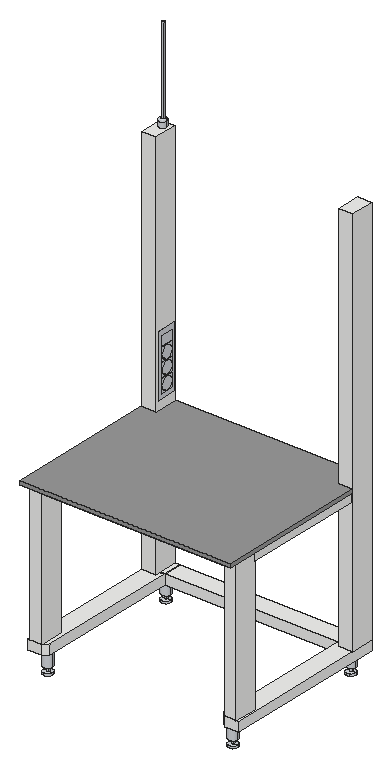
Revit family "WS_BARCELONA", category Furniture, Revit 2021
Family settings
  OmniClass Number = 23.40.20.00
  OmniClass Title = General Furniture and Specialties
  Work Plane-Based = No
  Always vertical = Yes
  Cut with Voids When Loaded = No
  Shared = No
  Room Calculation Point = No
Parameters (values of type "WSBAR-0975718")
  WT_THICK = 16 mm
  WT_MATERIAL = Plástico, blanco opaco
  WTheight_real = WTheight_nominal - 16 mm  # 734 mm
  WTheight_nominal = 750 mm
  URL = "https://ibr-innovasystem.com/PRODUCTS/WSBARCELONA"
  UB_SHELF [instance] = no
  UBS_9 [instance] = and(FIXED, UB_SHELF, Length = 900 mm)  # no
  UBS_15 [instance] = and(FIXED, UB_SHELF, Length = 1500 mm)  # no
  UBS_12 [instance] = and(FIXED, UB_SHELF, Length = 1200 mm)  # no
  SHELF_PROJECTION [instance] = if(or(SHELF_LEVEL_1, SHELF_LEVEL_2, SHELF_LEVEL_3), 1 = 1, 1 = 0)  # no
  SHELF_LEVEL_3 [instance] = no
  SHELF_LEVEL_2 [instance] = no
  SHELF_LEVEL_1 [instance] = no
  SH3-9 [instance] = and(SHELF_LEVEL_3, Length = 900 mm)  # no
  SH3-15 [instance] = and(SHELF_LEVEL_3, Length = 1500 mm)  # no
  SH3-12 [instance] = and(SHELF_LEVEL_3, Length = 1200 mm)  # no
  SH2-9 [instance] = and(SHELF_LEVEL_2, Length = 900 mm)  # no
  SH2-15 [instance] = and(SHELF_LEVEL_2, Length = 1500 mm)  # no
  SH2-12 [instance] = and(SHELF_LEVEL_2, Length = 1200 mm)  # no
  SH1-9 [instance] = and(SHELF_LEVEL_1, Length = 900 mm)  # no
  SH1-15 [instance] = and(SHELF_LEVEL_1, Length = 1500 mm)  # no
  SH1-12 [instance] = and(SHELF_LEVEL_1, Length = 1200 mm)  # no
  RIGHT_POWER_SUPPLY [instance] = not(LEFT_POWER_SUPPLY)  # no
  Model = ""
  MARINE_EDGE = no
  Length = 900 mm
  LOW_TAG = if(WTheight_nominal < 900 mm, 1 = 1, 1 = 0)  # yes
  LEVELING_FEET [instance] = not(COMBI_CASTOR_FOOT)  # yes
  LEFT_POWER_SUPPLY [instance] = yes
  Manufacturer = "IBR Innovasystem"
  HA_MARINE_EDGE = and(HA, MARINE_EDGE)  # no
  HA_HEIGHT_CORRECTED [instance] = if(and(HA_HEIGHT < 1201 mm, HA_HEIGHT > 699 mm), HA_HEIGHT, 900 mm)  # 900 mm
  HA_HEIGHT [instance] = 900 mm
  HA = not(FIXED)  # no
  FX_MARINE_EDGE = and(FIXED, MARINE_EDGE)  # no
  COMBI_CASTOR_FOOT [instance] = no
  FIXED = yes
  Description = "WS Barcelona 900x750x750/1800, 8xElectrical Outlets (Type TBD per project)"
  Depth = 750 mm
  Default Elevation = 0 mm
  Cost = 0
  CUTOUT_SIDES_CHECK = and(CUTOUT_SIDES, not(CER))  # no
  CUTOUT_SIDES = no
  CUTOUT_CENTER_CHECK = and(CUTOUT_CENTER, not(CER))  # no
  CUTOUT_CENTER = no
  COLUMN_H = 1800 mm
  CER = no
  BSP-9 = and(BS_PASSTHROUGH, Length = 900 mm)  # no
  BSP-15 = and(BS_PASSTHROUGH, Length = 1500 mm)  # no
  BS_PASSTHROUGH = no
  BS-9 = and(BS, Length = 900 mm)  # no
  BS-15 = and(BS, Length = 1500 mm)  # no
  BS = no
  BREAKER_SET [instance] = no
  ASSEMBLY_ID [instance] = ""
Types (18, lengths in mm): name | WTheight_real | WTheight_nominal | Length | LOW_TAG | Description | Depth | COLUMN_H
  WSBAR-1575918 | 884 | 900 | 1500 | no | "WS Barcelona 1500x750x900/1800, 8xElectrical Outlets (Type TBD per project)" | 750 | 1800
  WSBAR-1575916 | 884 | 900 | 1500 | no | "WS Barcelona 1500x750x900/1570, 8xElectrical Outlets (Type TBD per project)" | 750 | 1570
  WSBAR-1275918 | 884 | 900 | 1200 | no | "WS Barcelona 1200x750x900/1800, 8xElectrical Outlets (Type TBD per project)" | 750 | 1800
  WSBAR-1275916 | 884 | 900 | 1200 | no | "WS Barcelona 1200x750x900/1570, 8xElectrical Outlets (Type TBD per project)" | 750 | 1570
  WSBAR-0975916 | 884 | 900 | 900 | no | "WS Barcelona 900x750x900/1570, 8xElectrical Outlets (Type TBD per project)" | 750 | 1570
  WSBAR-0975918 | 884 | 900 | 900 | no | "WS Barcelona 900x750x900/1800, 8xElectrical Outlets (Type TBD per project)" | 750 | 1800
  WSBAR-1590918 | 884 | 900 | 1500 | no | "WS Barcelona 1500x900x900/1800, 8xElectrical Outlets (Type TBD per project)" | 900 | 1800
  WSBAR-1590916 | 884 | 900 | 1500 | no | "WS Barcelona 1500x900x900/1570, 8xElectrical Outlets (Type TBD per project)" | 900 | 1570
  WSBAR-1290918 | 884 | 900 | 1200 | no | "WS Barcelona 1200x900x900/1800, 8xElectrical Outlets (Type TBD per project)" | 900 | 1800
  WSBAR-1290916 | 884 | 900 | 1200 | no | "WS Barcelona 1200x900x900/1570, 8xElectrical Outlets (Type TBD per project)" | 900 | 1570
  WSBAR-0990916 | 884 | 900 | 900 | no | "WS Barcelona 900x900x900/1570, 8xElectrical Outlets (Type TBD per project)" | 900 | 1570
  WSBAR-0990918 | 884 | 900 | 900 | no | "WS Barcelona 900x900x900/1800, 8xElectrical Outlets (Type TBD per project)" | 900 | 1800
  WSBAR-1575716 | 734 | 750 | 1500 | yes | "WS Barcelona 1500x750x750/1570, 8xElectrical Outlets (Type TBD per project)" | 750 | 1570
  WSBAR-1575718 | 734 | 750 | 1500 | yes | "WS Barcelona 1500x750x750/1800, 8xElectrical Outlets (Type TBD per project)" | 750 | 1800
  WSBAR-1275718 | 734 | 750 | 1200 | yes | "WS Barcelona 1200x750x750/1800, 8xElectrical Outlets (Type TBD per project)" | 750 | 1800
  WSBAR-1275716 | 734 | 750 | 1200 | yes | "WS Barcelona 1200x750x750/1570, 8xElectrical Outlets (Type TBD per project)" | 750 | 1570
  WSBAR-0975716 | 734 | 750 | 900 | yes | "WS Barcelona 900x750x750/1570, 8xElectrical Outlets (Type TBD per project)" | 750 | 1570
  WSBAR-0975718 | 734 | 750 | 900 | yes | "WS Barcelona 900x750x750/1800, 8xElectrical Outlets (Type TBD per project)" | 750 | 1800
Reference planes
  plane 1 "Center (Front/Back)": y = 0
  plane 2: z = 0
  plane 3 "Center (Left/Right)": x = 0
  plane 4: x = 450
  plane 5: x = -450
  plane 6: y = -750
  plane 7: x = -390
  plane 8: y = -100
  plane 9: x = 390
  plane 10: y = -150
  plane 11: z = 87
  plane 12: z = 734
  plane 13: z = 1800
  plane 14: z = 750
  plane 15: z = 1087
  plane 16: z = 1187
  plane 17 "EJE_EL": y = -26
  plane 18: z = 127
  plane 19: x = -440
  plane 20: z = 704
  plane 21: z = 694
  plane 22: x = -395
  plane 23: y = -670
  plane 24: y = -40
  plane 25: z = 1750
  plane 26: x = 395
  plane 27: x = -150
  plane 28: y = -450
  plane 29: z = 790
  plane 30: z = 520
  plane 31: z = 1830
  plane 32: z = 2000
  plane 33: y = -50
  plane 34: x = -363.333
  plane 35: x = -336.667
  plane 36: x = -310
  plane 37: x = -420
  plane 38: x = 420
Forms (mm)
  Extrusion 1, solid, material "Plástico, blanco opaco" <- "WT_MATERIAL", visible <- "FIXED"
    sketch origin (0, 0, 0) x (1, 0, 0) y (0, 1, 0)
      loop
        line (-450, -750) -> (450, -750) -> (450, -100) -> (390, -100) -> (390, 0) -> (-390, 0) -> (-390, -100) -> (-450, -100) -> (-450, -750)
    from 734 to 750
  Sweep 2, solid, visible <- "FX_MARINE_EDGE"
    path origin (0, 0, 0) x (1, 0, 0) y (0, 1, 0)
      loop
        line (-450, -100) -> (-450, -750) -> (450, -750) -> (450, -100) -> (390, -100) -> (390, 0) -> (-390, 0) -> (-390, -100) -> (-450, -100)
    profile origin (-450, -425, 0) x (1, 0, 0) y (0, 0, 1)
      loop
        line (0, 750) -> (35, 750) -> (28, 757) -> (0, 757) -> (0, 750)
  Extrusion 3, solid, material "Plastic, Opaque White"
    sketch origin (0, 0, 0) x (1, 0, 0) y (0, 1, 0)
      loop
        line (450, 0) -> (370, 0) -> (370, -690) -> (390, -710) -> (450, -710) -> (450, 0)
      loop
        line (-450, 0) -> (-450, -710) -> (-390, -710) -> (-370, -690) -> (-370, 0) -> (-450, 0)
    from 87 to 127
  Extrusion 4, solid, material "Plastic, Opaque White"
    sketch origin (0, 0, 0) x (1, 0, 0) y (0, 1, 0)
      loop
        line (-390, 0) -> (-390, -80) -> (390, -80) -> (390, 0) -> (-390, 0)
    from 87 to 127
  Extrusion 5, solid, material "Plastic, Opaque White", visible <- "FIXED"
    sketch origin (0, 0, 0) x (1, 0, 0) y (0, 1, 0)
      loop
        line (-440, -710) -> (-390, -710) -> (-390, -610) -> (-440, -610) -> (-440, -710)
      loop
        line (440, -710) -> (440, -610) -> (390, -610) -> (390, -710) -> (440, -710)
    from 127 to 734
  Extrusion 6, solid, material "Plastic, Opaque White", visible <- "FIXED"
    sketch origin (0, 0, 0) x (1, 0, 0) y (0, 1, 0)
      loop
        line (-440, -100) -> (-440, -610) -> (-390, -610) -> (-390, -100) -> (-440, -100)
      loop
        line (440, -100) -> (390, -100) -> (390, -610) -> (440, -610) -> (440, -100)
    from 694 to 734
  Extrusion 7, solid, material "Plastic, Opaque White", visible <- "FIXED"
    sketch origin (0, 0, 0) x (1, 0, 0) y (0, 1, 0)
      loop
        line (-390, -710) -> (390, -710) -> (390, -670) -> (-390, -670) -> (-390, -710)
    from 704 to 734
  Extrusion 8, solid, material "Plastic, Opaque White"
    sketch origin (0, 0, 0) x (1, 0, 0) y (0, 1, 0)
      loop
        line (-390, 0) -> (-390, -60) -> (390, -60) -> (390, 0) -> (-390, 0)
    from 694 to 734
  Extrusion 9, solid, material "Plastic, Opaque White"
    sketch origin (0, 0, 0) x (1, 0, 0) y (0, 1, 0)
      loop
        line (-390, 0) -> (-450, 0) -> (-450, -100) -> (-390, -100) -> (-390, 0)
      loop
        line (390, 0) -> (390, -100) -> (450, -100) -> (450, 0) -> (390, 0)
    from 127 to 1800
  Extrusion 10, solid, material "Glass", visible <- "BS"
    sketch origin (0, 0, 0) x (1, 0, 0) y (0, 0, 1)
      loop
        line (-390, 1750) -> (-390, 750) -> (390, 750) -> (390, 1750) -> (-390, 1750)
    from 0 to 6
  Extrusion 11, void
    sketch origin (0, 0, 0) x (1, 0, 0) y (0, 0, 1)
      loop
        line (-390, 1750) -> (-390, 1700) -> (-340, 1750) -> (-390, 1750)
      loop
        line (390, 1750) -> (340, 1750) -> (390, 1700) -> (390, 1750)
    from 0 to 6
Cuts and joins
  Extrusion 11 cuts Extrusion 10
Lines and regions (mm)
  symbolic lines, visible <- "SHELF_PROJECTION"
    curve 1: line (-390, 0, 0) -> (-390, -250, 0)
    curve 2: line (-390, -250, 0) -> (390, -250, 0)
    curve 3: line (390, -250, 0) -> (390, 0, 0)
    curve 4: line (390, 0, 0) -> (-390, 0, 0)
  symbolic lines, style "Furniture", visible <- "HA"
    curve 5: line (450, 0, 0) -> (450, -750, 0)
    curve 6: line (-450, 0, 0) -> (-450, -750, 0)
  symbolic lines, style "FurnitureHiddenLines", visible <- "FX_MARINE_EDGE"
    curve 7: line (460, 0, 0) -> (460, -750, 0)
    curve 8: line (-460, 0, 0) -> (-460, -750, 0)
  symbolic lines, visible <- "HA"
    curve 9: line (-450, -750, 0) -> (-395, -750, 0)
    curve 10: line (395, -750, 0) -> (450, -750, 0)
    curve 12: line (-390, -100, 0) -> (390, -100, 0)
  model lines
    curve 11: line (390, 0, 0) -> (-390, 0, 0)
  symbolic lines, style "Furniture"
    curve 13: line (-450, -100, 0) -> (-450, -750, 0)
    curve 14: line (450, -750, 0) -> (450, -100, 0)
    curve 15: line (-450, -750, 0) -> (450, -750, 0)
  symbolic lines, visible <- "SHELF_LEVEL_1"
    curve 16: line (-363.333, -125, 0) -> (-363.333, -100, 0)
  symbolic lines, visible <- "SHELF_LEVEL_2"
    curve 17: line (-336.667, -131.416, 0) -> (-336.667, -156.581, 0)
    curve 19: line (-363.333, -156.581, 0) -> (-363.333, -131.416, 0)
  symbolic lines, visible <- "SHELF_LEVEL_3"
    curve 18: line (-310, -162.997, 0) -> (-310, -187.997, 0)
    curve 20: line (-363.333, -187.997, 0) -> (-363.333, -162.997, 0)
    curve 21: line (-336.667, -162.997, 0) -> (-336.667, -187.997, 0)
  symbolic lines, visible <- "LEFT_POWER_SUPPLY"
    curve 22: circle (-420, -26, 0) r 15 normal (0, 0, 1)
    curve 23: circle (-420, -26, 0) r 5 normal (0, 0, 1)
  symbolic lines, visible <- "RIGHT_POWER_SUPPLY"
    curve 24: circle (420, -26, 0) r 15 normal (0, 0, 1)
    curve 25: circle (420, -26, 0) r 5 normal (0, 0, 1)
Dimensions and locks
  equal spacing: plane 5, plane 3 "Center (Left/Right)", plane 4
  plane 11 to level = 87 mm
  "COLUMN_H": plane 13 to level
  "WTheight_real": plane 12 to level
  "WT_THICK": plane 14 to plane 12
  Sweep 2 sketch curve to Sweep 2 sketch curve = 7 mm
  profile plane to Sweep 2 sketch curve = 28 mm
  plane 1 "Center (Front/Back)" to plane 17 "EJE_EL" to plane 10 = 26 mm, 124 mm
  plane 15 to plane 16 = 100 mm
  plane 14 to plane 15 = 337 mm
  locked: Extrusion 3 sketch curve to Extrusion 3 sketch curve at 80  (x2)
  locked: Extrusion 3 sketch curve to Extrusion 3 sketch curve at 20  (x2)
  plane 11 to plane 18 to plane 12 = 40 mm, 607 mm
  "Depth": plane 1 "Center (Front/Back)" to plane 6
  plane 1 "Center (Front/Back)" to plane 8 = 100 mm
  "Length": plane 5 to plane 4
  locked: Extrusion 3 sketch curve to plane 6 at 40
  equal spacing: curve 4, Extrusion 4 sketch curve, curve 2
  locked: plane 5 to plane 19 at 10
  locked: Extrusion 5 sketch curve to Extrusion 5 sketch curve at 100  (x2)
  locked: Extrusion 5 sketch curve to Extrusion 5 sketch curve at 50  (x2)
  locked: plane 12 to plane 20 at 30
  locked: plane 12 to plane 21 at 40
  locked: Extrusion 7 sketch curve to Extrusion 7 sketch curve at 40
  locked: Sweep 2 to Extrusion 8 sketch curve at 60
  locked: plane 5 to plane 22 at 55
  locked: plane 1 "Center (Front/Back)" to plane 24 at 40
  locked: plane 25 to level at 1750
  locked: plane 23 to plane 6 at 80
  locked: plane 26 to plane 4 at 55
  locked: plane 5 to curve 8 at 10
  locked: plane 4 to curve 7 at 10
  locked: plane 5 to plane 27 at 300
  locked: plane 28 to plane 6 at 300
  locked: plane 5 to plane 7 at 60
  plane 9 to plane 4 = 60 mm
  locked: plane 29 to plane 12 at 56
  locked: plane 30 to level at 520
  locked: plane 31 to plane 13 at 30
  locked: plane 32 to plane 13 at 200
  locked: plane 15 to plane 14 at 337
  locked: plane 33 to plane 1 "Center (Front/Back)" at 50
  locked: plane 16 to plane 15 at 100
  locked: plane 5 to plane 37 at 30
  locked: plane 7 to plane 34 at 26.667
  locked: plane 34 to plane 35 at 26.667
  locked: plane 35 to plane 36 at 26.667
  locked: plane 38 to plane 4 at 30
  aligned and locked: level to plane 2
  aligned and locked: plane 14 to Extrusion 1
  aligned and locked: Extrusion 1 to plane 12
  aligned and locked: Sweep 2 to plane 14
  aligned and locked: plane 3 "Center (Left/Right)" to nested 1
  aligned and locked: nested 1 to plane 15
  aligned and locked: nested 3 to plane 16
  aligned and locked: plane 3 "Center (Left/Right)" to nested 2
  aligned and locked: plane 3 "Center (Left/Right)" to nested 3
  aligned and locked: plane 17 "EJE_EL" to nested 2
  aligned and locked: plane 17 "EJE_EL" to nested 3
  aligned and locked: plane 17 "EJE_EL" to nested 1
  aligned and locked: Extrusion 3 to plane 11
  aligned and locked: plane 11 to Extrusion 3
  aligned and locked: plane 18 to Extrusion 3
  aligned and locked: plane 7 to Extrusion 4 sketch curve
  aligned and locked: Extrusion 4 sketch curve to plane 9
  aligned and locked: plane 1 "Center (Front/Back)" to Extrusion 4 sketch curve
  aligned and locked: Extrusion 4 to plane 11
  aligned and locked: plane 18 to Extrusion 4
  aligned and locked: Extrusion 3 to Extrusion 5 sketch curve
  aligned and locked: Extrusion 5 sketch curve to plane 19
  aligned and locked: Extrusion 5 to plane 18
  aligned and locked: plane 12 to Extrusion 5
  aligned and locked: plane 8 to Extrusion 6 sketch curve
  aligned and locked: Extrusion 6 sketch curve to Extrusion 5  (x2)
  aligned and locked: plane 19 to Extrusion 6 sketch curve
  aligned and locked: plane 12 to Extrusion 6
  aligned and locked: plane 21 to Extrusion 6
  aligned and locked: Extrusion 3 to Extrusion 7 sketch curve
  aligned and locked: Extrusion 7 sketch curve to Extrusion 5  (x2)
  aligned and locked: plane 12 to Extrusion 7
  aligned and locked: plane 20 to Extrusion 7
  aligned and locked: plane 7 to Extrusion 8 sketch curve
  aligned and locked: Extrusion 8 sketch curve to plane 9
  aligned and locked: plane 1 "Center (Front/Back)" to Extrusion 8 sketch curve
  aligned and locked: plane 12 to Extrusion 8
  aligned and locked: plane 21 to Extrusion 8
  aligned and locked: plane 7 to Extrusion 9 sketch curve
  aligned and locked: Extrusion 9 sketch curve to plane 5
  aligned and locked: plane 8 to Extrusion 9 sketch curve
  aligned and locked: Extrusion 9 sketch curve to plane 1 "Center (Front/Back)"
  aligned and locked: Extrusion 9 to plane 18
  aligned and locked: plane 13 to Extrusion 9
  aligned and locked: plane 22 to nested 5
  aligned and locked: nested 5 to plane 23
  aligned and locked: plane 22 to nested 6
  aligned and locked: nested 6 to plane 24
  aligned and locked: nested 8 to plane 26
  aligned and locked: nested 7 to plane 26
  aligned and locked: plane 23 to nested 7
  aligned and locked: plane 3 "Center (Left/Right)" to nested 9
  aligned and locked: plane 3 "Center (Left/Right)" to nested 10
  aligned and locked: plane 3 "Center (Left/Right)" to nested 11
  aligned and locked: plane 17 "EJE_EL" to nested 9
  aligned and locked: plane 17 "EJE_EL" to nested 10
  aligned and locked: plane 17 "EJE_EL" to nested 11
  aligned and locked: plane 3 "Center (Left/Right)" to nested 12
  aligned and locked: plane 3 "Center (Left/Right)" to nested 13
  aligned and locked: plane 3 "Center (Left/Right)" to nested 14
  aligned and locked: plane 17 "EJE_EL" to nested 14
  aligned and locked: plane 17 "EJE_EL" to nested 12
  aligned and locked: plane 17 "EJE_EL" to nested 13
  aligned and locked: plane 27 to nested 15
  aligned and locked: nested 15 to plane 28
  aligned and locked: curve 6 to plane 5
  aligned and locked: plane 26 to curve 10
  aligned and locked: plane 4 to curve 10
  aligned and locked: curve 10 to plane 6
  aligned and locked: plane 5 to curve 9
  aligned and locked: plane 22 to curve 9
  aligned and locked: curve 9 to plane 6
  aligned and locked: plane 27 to nested 16
  aligned and locked: nested 16 to plane 28
  aligned and locked: plane 3 "Center (Left/Right)" to nested 17
  aligned and locked: plane 3 "Center (Left/Right)" to nested 18
  aligned and locked: plane 1 "Center (Front/Back)" to nested 18
  aligned and locked: plane 1 "Center (Front/Back)" to nested 17
  aligned and locked: plane 4 to Extrusion 3
  aligned and locked: nested 21 to plane 29
  aligned and locked: nested 20 to plane 29
  aligned and locked: plane 30 to nested 22
  aligned and locked: plane 30 to nested 19
  aligned and locked: plane 7 to nested 22
  aligned and locked: nested 19 to plane 9
  aligned and locked: nested 20 to plane 9
  aligned and locked: plane 7 to nested 21
  aligned and locked: plane 13 to nested 14
  aligned and locked: plane 13 to nested 11
  aligned and locked: plane 13 to nested 2
  aligned and locked: plane 33 to nested 22
  aligned and locked: plane 33 to nested 21
  aligned and locked: nested 19 to plane 33
  aligned and locked: nested 20 to plane 33
  aligned and locked: nested 9 to plane 15
  aligned and locked: nested 13 to plane 15
  aligned and locked: nested 10 to plane 16
  aligned and locked: nested 12 to plane 16
  aligned and locked: plane 3 "Center (Left/Right)" to nested 23
  aligned and locked: nested 24 to plane 23
  aligned and locked: nested 26 to plane 24
  aligned and locked: nested 27 to plane 24
  aligned and locked: nested 25 to plane 23
  aligned and locked: plane 22 to nested 27
  aligned and locked: plane 22 to nested 25
  aligned and locked: nested 26 to plane 26
  aligned and locked: nested 24 to plane 26
  aligned and locked: plane 34 to curve 19
  aligned and locked: curve 20 to plane 34
  aligned and locked: curve 21 to plane 35
  aligned and locked: plane 7 to nested 28
  aligned and locked: plane 33 to nested 28
  aligned and locked: plane 30 to nested 28
  aligned and locked: plane 17 "EJE_EL" to nested 29
  aligned and locked: plane 37 to nested 29
  aligned and locked: plane 17 "EJE_EL" to nested 30
  aligned and locked: plane 38 to nested 30
  aligned and locked: nested 30 to plane 13
  aligned and locked: nested 29 to plane 13
Automatic sketch dimensions
  Extrusion 1 sketch curve to plane 5 = 0 mm
  plane 1 "Center (Front/Back)" to Extrusion 1 sketch curve = 0 mm
  Extrusion 1 sketch curve to plane 7 = 0 mm
  Extrusion 1 sketch curve to plane 9 = 0 mm
  Extrusion 1 sketch curve to plane 4 = 0 mm
  Extrusion 1 sketch curve to plane 6 = 0 mm
  Extrusion 1 sketch curve to plane 8 = 0 mm
  plane 8 to Extrusion 1 sketch curve = 0 mm
  Sweep 2 sketch curve to plane 5 = 0 mm
  plane 1 "Center (Front/Back)" to Sweep 2 sketch curve = 0 mm
  Sweep 2 sketch curve to plane 7 = 0 mm
  plane 8 to Sweep 2 sketch curve = 0 mm
  Sweep 2 sketch curve to plane 9 = 0 mm
  Sweep 2 sketch curve to plane 4 = 0 mm
  Sweep 2 sketch curve to plane 6 = 0 mm
  Sweep 2 sketch curve to plane 8 = 0 mm
  profile plane to Sweep 2 sketch curve = 0 mm
  Sweep 2 sketch curve to Sweep 2 sketch curve = 7 mm
  level to Sweep 2 sketch curve = 750 mm
  Extrusion 3 sketch curve to plane 5 = 0 mm
  plane 1 "Center (Front/Back)" to Extrusion 3 sketch curve = 0 mm  (x2)
  Extrusion 3 sketch curve to plane 9 = 20 mm
  plane 22 to Extrusion 3 sketch curve = 5 mm
  plane 26 to Extrusion 3 sketch curve = 5 mm
  plane 6 to Extrusion 3 sketch curve = 40 mm
  plane 26 to Extrusion 5 sketch curve = 5 mm
  plane 6 to Extrusion 5 sketch curve = 40 mm
  plane 8 to Extrusion 6 sketch curve = 0 mm
  plane 26 to Extrusion 6 sketch curve = 5 mm
  Extrusion 6 sketch curve to plane 4 = 10 mm
  plane 23 to Extrusion 6 sketch curve = 60 mm
  plane 1 "Center (Front/Back)" to Extrusion 9 sketch curve = 0 mm
  Extrusion 9 sketch curve to plane 9 = 0 mm
  Extrusion 9 sketch curve to plane 4 = 0 mm
  plane 8 to Extrusion 9 sketch curve = 0 mm
  Extrusion 10 sketch curve to plane 7 = 0 mm
  Extrusion 10 sketch curve to plane 9 = 0 mm
  Extrusion 10 sketch curve to plane 14 = 0 mm
  Extrusion 10 sketch curve to plane 25 = 0 mm
  Extrusion 11 sketch curve to plane 7 = 0 mm
  Extrusion 11 sketch curve to plane 25 = 0 mm  (x2)
  Extrusion 11 sketch curve to plane 9 = 0 mm
  plane 7 to Extrusion 11 sketch curve = 50 mm
  Extrusion 11 sketch curve to Extrusion 11 sketch curve = 50 mm
  Extrusion 11 sketch curve to plane 25 = 50 mm  (x2)
  curve 22 to curve 23 = 0 mm  (x2)
  curve 24 to curve 25 = 0 mm  (x2)
  plane 17 "EJE_EL" to curve 23 = 0 mm
  curve 23 to plane 37 = 0 mm
  curve 16 to plane 34 = 0 mm
  curve 17 to plane 35 = 0 mm
  curve 18 to plane 36 = 0 mm
  plane 17 "EJE_EL" to curve 24 = 0 mm
  curve 24 to plane 38 = 0 mm
  curve 8 to plane 6 = 0 mm
  curve 7 to plane 6 = 0 mm
  curve 13 to plane 8 = 0 mm
  curve 16 to plane 8 = 0 mm
  plane 8 to curve 14 = 0 mm
  plane 1 "Center (Front/Back)" to curve 11 = 0 mm
  plane 1 "Center (Front/Back)" to curve 8 = 0 mm
  plane 1 "Center (Front/Back)" to curve 7 = 0 mm
  plane 1 "Center (Front/Back)" to curve 6 = 0 mm
  plane 1 "Center (Front/Back)" to curve 5 = 0 mm
  plane 10 to curve 2 = 100 mm
  plane 10 to curve 20 = 37.997 mm
  curve 20 to curve 21 = 0 mm
  curve 21 to curve 18 = 0 mm
  plane 10 to curve 20 = 12.997 mm
  plane 10 to curve 21 = 12.997 mm
  plane 10 to curve 18 = 12.997 mm
  curve 20 to curve 19 = 6.416 mm
  curve 21 to curve 17 = 6.416 mm
  curve 19 to plane 10 = 18.584 mm
  curve 17 to plane 10 = 18.584 mm
  curve 19 to curve 16 = 6.416 mm
  curve 11 to plane 7 = 0 mm
  curve 3 to plane 9 = 0 mm
  radius of curve 22 = 15 mm
  radius of curve 23 = 5 mm
  radius of curve 24 = 15 mm
  radius of curve 25 = 5 mm
Nested families
  nested 1: "OVERHEAD_SHELF" at (0, -26, 1087), visible <- "SH1-15", ASSEMBLY_ID <- "ASSEMBLY_ID", type "SH-OB-1530-01"
  nested 2: "OVERHEAD_SHELF" at (0, -26, 1740), visible <- "SH3-15", ASSEMBLY_ID <- "ASSEMBLY_ID", type "SH-OB-1530-01"
  nested 3: "OVERHEAD_SHELF" at (0, -26, 1187), visible <- "SH2-15", ASSEMBLY_ID <- "ASSEMBLY_ID", type "SH-OB-1530-01"
  nested 4: "EL_230V" at (-560.248, -100, 0), type "EL_230V"
  nested 5: "foot_master" at (-395, -670, 0), visible <- "COMBI_CASTOR_FOOT", ASSEMBLY_ID <- "ASSEMBLY_ID", type "COMBI_CASTOR_FOOT"
  nested 6: "foot_master" at (-395, -40, 0), visible <- "COMBI_CASTOR_FOOT", ASSEMBLY_ID <- "ASSEMBLY_ID", type "COMBI_CASTOR_FOOT"
  nested 7: "foot_master" at (395, -670, 0) x (-1, 0, 0) z (0, 0, 1), visible <- "COMBI_CASTOR_FOOT", ASSEMBLY_ID <- "ASSEMBLY_ID", type "COMBI_CASTOR_FOOT"
  nested 8: "foot_master" at (395, -40, 0) x (-1, 0, 0) z (0, 0, 1), visible <- "COMBI_CASTOR_FOOT", ASSEMBLY_ID <- "ASSEMBLY_ID", type "COMBI_CASTOR_FOOT"
  nested 9: "OVERHEAD_SHELF" at (0, -26, 1087), visible <- "SH1-12", ASSEMBLY_ID <- "ASSEMBLY_ID", type "SH-OB-1230-01"
  nested 10: "OVERHEAD_SHELF" at (0, -26, 1187), visible <- "SH2-12", ASSEMBLY_ID <- "ASSEMBLY_ID", type "SH-OB-1230-01"
  nested 11: "OVERHEAD_SHELF" at (0, -26, 1740), visible <- "SH3-12", ASSEMBLY_ID <- "ASSEMBLY_ID", type "SH-OB-1230-01"
  nested 12: "OVERHEAD_SHELF" at (0, -26, 1187), visible <- "SH2-9", ASSEMBLY_ID <- "ASSEMBLY_ID", type "SH-OB-0930-01"
  nested 13: "OVERHEAD_SHELF" at (0, -26, 1087), visible <- "SH1-9", ASSEMBLY_ID <- "ASSEMBLY_ID", type "SH-OB-0930-01"
  nested 14: "OVERHEAD_SHELF" at (0, -26, 1740), visible <- "SH3-9", ASSEMBLY_ID <- "ASSEMBLY_ID", type "SH-OB-0930-01"
  nested 15: "CHAIR_TAG" at (-150, -450, 0), visible <- "LOW_TAG", type "CHAIR_TAG"
  nested 16: "CHAIR_TAG" at (-150, -450, 0), visible <- "HA", type "HA"
  nested 17: "UNDERBENCH_SHELF" at (0, 0, 0), visible <- "UBS_9", ASSEMBLY_ID <- "ASSEMBLY_ID", type "SH-UBR-0975-02"
  nested 18: "UNDERBENCH_SHELF" at (0, 0, 0), visible <- "UBS_15", ASSEMBLY_ID <- "ASSEMBLY_ID", type "SH-UBR-1575-02"
  nested 19: "enchufe_dg" at (390, -50, 416) x (0, -1, 0) z (0, 0, 1), type "1gang"
  nested 20: "enchufe_dg" at (390, -50, 790) x (0, -1, 0) z (0, 0, 1), type "3gang-blind"
  nested 21: "enchufe_dg" at (-390, -50, 790) x (0, 1, 0) z (0, 0, 1), type "3gang-blind"
  nested 22: "enchufe_dg" at (-390, -50, 416) x (0, 1, 0) z (0, 0, 1), type "1gang"
  nested 23: "UNDERBENCH_SHELF" at (0, 0, 0), ASSEMBLY_ID <- "ASSEMBLY_ID", visible <- "UBS_12", type "SH-UBR-1275-02"
    with ASSEMBLY_ID ""
  nested 24: "pata_WS" at (395, -670, 0), visible <- "LEVELING_FEET", type "pata_WS"
  nested 25: "pata_WS" at (-395, -670, 0), visible <- "LEVELING_FEET", type "pata_WS"
  nested 26: "pata_WS" at (395, -40, 0), visible <- "LEVELING_FEET", type "pata_WS"
  nested 27: "pata_WS" at (-395, -40, 0), visible <- "LEVELING_FEET", type "pata_WS"
  nested 28: "enchufe_dg_BRK_SHARED" at (-390, -50, 296) x (0, 1, 0) z (0, 0, 1), visible <- "BREAKER_SET", ASSEMBLY_ID <- "ASSEMBLY_ID", type "BREAKER_SET"
    with ASSEMBLY_ID ""
  nested 29: "CONEXION_TECHO" at (-420, -26, 1800), visible <- "LEFT_POWER_SUPPLY", ASSEMBLY_ID <- "ASSEMBLY_ID", type "CEILING_POWER_CABLE_LEFT"
  nested 30: "CONEXION_TECHO" at (420, -26, 1800), visible <- "RIGHT_POWER_SUPPLY", ASSEMBLY_ID <- "ASSEMBLY_ID", type "CEILING_POWER_CABLE_RIGHT"
Definition of nested family "OVERHEAD_SHELF"
  Parameters (values of type "SH-OB-1230-01")
    URL = "https://ibr-innovasystem.com/PRODUCTS/ACCESORYOVERHEADSHELF\r\nhttps://ibr-innovasystem.com/PRODUCTS/ACCESORYOVERHEADSHELF\r\nhttps://ibr-innovasystem.com/PRODUCTS/ACCESORYOVERHEADSHELF"
    OREJETA = yes
    Model = ""
    Manufacturer = "IBR InnovaSystem"
    LENGTH = 1072 mm
    Description = "Overhead Shelf W/Lugs for WSBarcelona 1200, 300mm Deep"
    Default Elevation = 0 mm
    ASSEMBLY_ID [instance] = ""
  Types (3, lengths in mm): name | LENGTH | Description
    SH-OB-0930-01 | 772 | "Overhead Shelf W/Lugs for WSBarcelona 900, 300mm Deep"
    SH-OB-1230-01 | 1072 | "Overhead Shelf W/Lugs for WSBarcelona 1200, 300mm Deep"
    SH-OB-1530-01 | 1372 | "Overhead Shelf W/Lugs for WSBarcelona 1500, 300mm Deep"
  Reference planes
    plane 1 "Center (Front/Back)": y = 0
    plane 2: z = 0
    plane 3 "Center (Left/Right)": x = 0
    plane 4: x = -538
    plane 5: x = 538
    plane 6: y = -300
    plane 7: z = 82
    plane 8: z = 22
    plane 9: y = -2
    plane 10: z = 2
    plane 11: y = -298
    plane 12: x = 536
    plane 13: x = -536
  Forms (mm)
    Extrusion 1, solid
      sketch origin (0, 0, 0) x (0, 1, 0) y (0, 0, 1)
        loop
          line (0, 60) -> (-2, 60) -> (-2, 2) -> (-298, 2) -> (-298, 22) -> (-300, 22) -> (-300, 0) -> (0, 0) -> (0, 60)
      from -536 to 538
    Extrusion 2, solid
      sketch origin (0, 0, 0) x (0, 1, 0) y (0, 0, 1)
        loop
          line (-300, 0) -> (0, 0) -> (0, 60) -> (-189.167, 60) -> (-300, 22) -> (-300, 0)
      from -538 to -536
    Extrusion 3, solid
      sketch origin (0, 0, 0) x (0, 1, 0) y (0, 0, 1)
        loop
          line (-189.167, 60) -> (-300, 22) -> (-300, 0) -> (0, 0) -> (0, 60) -> (-189.167, 60)
      from 536 to 538
    Extrusion 4, solid, visible <- "OREJETA"
      sketch origin (0, 0, 0) x (0, 1, 0) y (0, 0, 1)
        loop
          line (0, 60) -> (0, 0) -> (25, 25) -> (25, 60) -> (0, 60)
      from 536 to 538
    Extrusion 5, solid, visible <- "OREJETA"
      sketch origin (0, 0, 0) x (0, 1, 0) y (0, 0, 1)
        loop
          line (25, 60) -> (0, 60) -> (0, 0) -> (25, 25) -> (25, 60)
      from -538 to -536
  Dimensions and locks
    plane 6 to plane 1 "Center (Front/Back)" = 300 mm
    plane 1 "Center (Front/Back)" to plane 9 to plane 11 = 2 mm, 296 mm
    plane 4 to plane 13 to plane 3 "Center (Left/Right)" = 2 mm, 536 mm
    plane 3 "Center (Left/Right)" to plane 12 to plane 5 = 536 mm, 2 mm
    locked: plane 4 to plane 13 at 2
    "LENGTH": plane 13 to plane 12
    equal spacing: plane 13, plane 3 "Center (Left/Right)", plane 12
    aligned and locked: level to plane 2
    aligned and locked: plane 5 to Extrusion 1
    aligned and locked: plane 5 to Extrusion 3
    aligned and locked: plane 4 to Extrusion 2
    aligned and locked: plane 13 to Extrusion 2
    aligned and locked: Extrusion 3 to plane 12
    aligned and locked: Extrusion 1 to plane 13
    aligned and locked: plane 5 to Extrusion 4
    aligned and locked: Extrusion 4 to plane 12
    aligned and locked: plane 4 to Extrusion 5
    aligned and locked: plane 13 to Extrusion 5
  Automatic sketch dimensions
    Extrusion 1 sketch curve to plane 6 = 0 mm
    Extrusion 1 sketch curve to plane 10 = 0 mm
    Extrusion 1 sketch curve to plane 11 = 0 mm
    Extrusion 1 sketch curve to plane 7 = 22 mm
    Extrusion 1 sketch curve to plane 9 = 0 mm
    Extrusion 1 sketch curve to level = 0 mm
    Extrusion 1 sketch curve to plane 1 "Center (Front/Back)" = 0 mm
    Extrusion 1 sketch curve to plane 8 = 0 mm
    Extrusion 3 sketch curve to plane 6 = 0 mm
    Extrusion 3 sketch curve to level = 0 mm
    Extrusion 3 sketch curve to plane 1 "Center (Front/Back)" = 0 mm
    Extrusion 3 sketch curve to plane 8 = 0 mm
    Extrusion 3 sketch curve to plane 11 = 108.833 mm
    Extrusion 3 sketch curve to plane 7 = 22 mm
    Extrusion 2 sketch curve to level = 0 mm
    Extrusion 2 sketch curve to plane 6 = 0 mm
    Extrusion 2 sketch curve to plane 1 "Center (Front/Back)" = 0 mm
    Extrusion 2 sketch curve to plane 8 = 0 mm
    Extrusion 2 sketch curve to plane 11 = 108.833 mm
    Extrusion 2 sketch curve to plane 7 = 22 mm
    Extrusion 4 sketch curve to plane 1 "Center (Front/Back)" = 0 mm
    Extrusion 4 sketch curve to level = 0 mm
    Extrusion 4 sketch curve to plane 1 "Center (Front/Back)" = 25 mm
    Extrusion 4 sketch curve to plane 7 = 22 mm
    plane 8 to Extrusion 4 sketch curve = 3 mm
    Extrusion 5 sketch curve to plane 1 "Center (Front/Back)" = 25 mm
    Extrusion 5 sketch curve to plane 7 = 22 mm
    plane 8 to Extrusion 5 sketch curve = 3 mm
    Extrusion 5 sketch curve to level = 0 mm
    Extrusion 5 sketch curve to plane 1 "Center (Front/Back)" = 0 mm
Definition of nested family "foot_master"
  Parameters (values of type "COMBI_CASTOR_FOOT")
    Description = "Heavy Duty Combi Castor-Foot"
    Default Elevation = 0 mm
    ASSEMBLY_ID [instance] = ""
  Reference planes
    plane 1 "Center (Front/Back)": y = 0
    plane 2: z = 0
    plane 3 "Center (Left/Right)": x = 0
  Forms (mm)
    Revolve 1, solid
      sketch origin (0, 0, 0) x (1, 0, 0) y (0, 0, 1)
        loop
          line (0, 0) -> (22.469, 0) -> (24.846, 13.481) -> (35, 13.481) -> (35, 38.481) -> (25, 38.481) -> (25, 63.481) -> (35, 63.481) -> (35, 77) -> (25, 77) -> (25, 85) -> (0, 85) -> (0, 0)
        axis (0, 85) -> (0, 0)
      angle from 0 to 360
    Extrusion 2, solid
      sketch origin (0, 0, 0) x (0, 1, 0) y (0, 0, 1)
        loop
          line (-25, 77) -> (-41.213, 77) -> (-60, 38.481) -> (-60, 13.481) -> (-25, 13.481) -> (-25, 77)
      from -20.037 to 20
    Extrusion 3, solid
      sketch origin (0, 0, 0) x (0, 1, 0) y (0, 0, 1)
        loop
          circle (-51.125, 22.852) r 20
      from -15 to 15
  Dimensions and locks
    Revolve 1 sketch curve to level = 85 mm
    Revolve 1 sketch curve to plane 3 "Center (Left/Right)" = 35 mm
    aligned and locked: level to plane 2
    aligned and locked: Revolve 1 sketch curve to plane 3 "Center (Left/Right)"
    aligned and locked: Extrusion 2 sketch curve to Revolve 1
Definition of nested family "UNDERBENCH_SHELF"
  Parameters (values of type "SH-UBR-1275-02")
    width = 1200 mm
    tubewidth = 60 mm
    depth = 750 mm
    backcutY = 105 mm
    backcutX = 65 mm
    URL = "https://ibr-innovasystem.com/PRODUCTS/ACCESORYUNDERBENCHSHELF"
    Model = ""  # constant formula
    Manufacturer = "IBR Innovasystem"  # constant formula
    Description = "Underbench Shelf, 1200x750 For WSBarcelona and Equipment Benches"
    Default Elevation = 0 mm
    ASSEMBLY_ID [instance] = ""
  Types (8, lengths in mm): name | width | tubewidth | backcutY | backcutX | Description
    SH-UBR-0975-02 | 900 | 60 | 105 | 65 | "Underbench Shelf, 900x750 For WSBarcelona and Equipment Benches"
    SH-UBR-1575-02 | 1500 | 60 | 105 | 65 | "Underbench Shelf, 1500x750 For WSBarcelona and Equipment Benches"
    SH-UBR-0975-01 | 900 | 60 | 165 | 85 | "Underbench Shelf, 900x750 For WSCambridge Benches"
    SH-UBR-1575-01 | 1500 | 40 | 165 | 85 | "Underbench Shelf, 1500x750 For WSCambridge Benches"
    SH-UBR-7575-01 | 750 | 60 | 165 | 85 | "Underbench Shelf, 750x750 For WSCambridge Benches"
    SH-UBR-7575-02 | 750 | 60 | 105 | 65 | "Underbench Shelf, 750x750 For WSBarcelona and Equipment Benches"
    SH-UBR-1275-01 | 1200 | 60 | 165 | 85 | "Underbench Shelf, 1200x750 For WSCambridge Benches"
    SH-UBR-1275-02 | 1200 | 60 | 105 | 65 | "Underbench Shelf, 1200x750 For WSBarcelona and Equipment Benches"
  Reference planes
    plane 1 "Center (Front/Back)": y = 0
    plane 2: z = 0
    plane 3 "Center (Left/Right)": x = 0
    plane 4: y = -750
    plane 5: x = -600
    plane 6: x = 600
    plane 7: x = -535
    plane 8: x = 535
    plane 9: y = -605
    plane 10: y = -105
    plane 11: z = 97
    plane 12: z = 127
    plane 13: z = 143
    plane 14: y = -520.264
    plane 15: y = -472.151
  Forms (mm)
    Extrusion 1, solid
      sketch origin (0, 0, 0) x (1, 0, 0) y (0, 1, 0)
        loop
          line (-600, -605) -> (600, -605) -> (600, -105) -> (535, -105) -> (535, 0) -> (-535, 0) -> (-535, -105) -> (-600, -105) -> (-600, -605)
      from 127 to 143
    Extrusion 2, solid
      sketch origin (0, 0, 0) x (1, 0, 0) y (0, 1, 0)
        loop
          line (-535, -472.151) -> (-535, -520.264) -> (535, -520.264) -> (535, -472.151) -> (-535, -472.151)
      from 97 to 127
  Lines and regions (mm)
    symbolic lines
      curve 1: line (-560, -565, 0) -> (560, -565, 0)
      curve 2: line (560, -565, 0) -> (560, -145, 0)
      curve 3: line (560, -145, 0) -> (495, -145, 0)
      curve 4: line (495, -145, 0) -> (495, -40, 0)
      curve 5: line (495, -40, 0) -> (-495, -40, 0)
      curve 6: line (-495, -40, 0) -> (-495, -145, 0)
      curve 7: line (-495, -145, 0) -> (-560, -145, 0)
      curve 8: line (-560, -145, 0) -> (-560, -565, 0)
  Dimensions and locks
    equal spacing: plane 5, plane 3 "Center (Left/Right)", plane 6
    "width": plane 5 to plane 6
    "depth": plane 4 to plane 1 "Center (Front/Back)"
    "backcutY": plane 10 to plane 1 "Center (Front/Back)"
    locked: plane 9 to plane 4 at 145
    "backcutX": plane 5 to plane 7
    "backcutX": plane 8 to plane 6
    locked: plane 11 to plane 2 at 97
    locked: plane 12 to plane 11 at 30
    locked: plane 13 to plane 12 at 16
    aligned and locked: level to plane 2
    aligned and locked: plane 13 to Extrusion 1
    aligned and locked: Extrusion 1 to plane 12
    aligned and locked: plane 9 to Extrusion 1 sketch curve
    aligned and locked: Extrusion 2 to plane 11
    aligned and locked: plane 12 to Extrusion 2
  Automatic sketch dimensions
    Extrusion 1 sketch curve to plane 7 = 0 mm
    Extrusion 1 sketch curve to plane 8 = 0 mm
    Extrusion 1 sketch curve to plane 6 = 0 mm
    Extrusion 1 sketch curve to plane 10 = 0 mm  (x2)
    plane 1 "Center (Front/Back)" to Extrusion 1 sketch curve = 0 mm
    plane 5 to curve 8 = 40 mm
    plane 7 to curve 6 = 40 mm
    curve 4 to plane 8 = 40 mm
    curve 3 to plane 6 = 40 mm
    curve 3 to plane 10 = 40 mm
    curve 7 to plane 10 = 40 mm
    plane 1 "Center (Front/Back)" to curve 4 = 40 mm
    plane 9 to curve 8 = 40 mm
    Extrusion 1 sketch curve to plane 5 = 0 mm
    Extrusion 2 sketch curve to plane 7 = 0 mm
    Extrusion 2 sketch curve to plane 8 = 0 mm
    Extrusion 2 sketch curve to plane 14 = 0 mm
    Extrusion 2 sketch curve to plane 15 = 0 mm
Definition of nested family "enchufe_dg"
  Parameters (values of type "4gang-blind")
    t4 = yes
    t3 = yes
    t2 = yes
    t1 = yes
    brkr = no
    blind = yes
    alto_total = if(and(t1, t2, t3, [3gang], blind), 22 mm * 2 + 60 mm * 3 + 40 mm, if(and(t1, [1gang]), 22 mm * 2 + 60 mm, if(and(t1, t2, t3, t4, [4gang], blind), 22 mm * 2 + 4 * 60 mm + 40 mm, if(and(t3, brkr), 22 mm * 2 + 3 * 60 mm, 0 mm))))  # 324 mm
    Default Elevation = 0 mm
    4gang = yes
    3gang = no
    1gang = no
  Types (5, lengths in mm): name | t4 | t3 | t2 | t1 | brkr | blind | alto_total | 4gang | 3gang | 1gang
    (no name) | yes | yes | yes | yes | no | yes | 324 | yes | no | no
    3gang-blind | no | yes | yes | yes | no | yes | 264 | no | yes | no
    1gang | no | no | no | yes | no | no | 104 | no | no | yes
    4gang-blind | yes | yes | yes | yes | no | yes | 324 | yes | no | no
    breaker set | no | yes | no | no | yes | no | 224 | no | no | no
  Reference planes
    plane 1 "Center (Front/Back)": y = 0
    plane 2: z = 0
    plane 3 "Center (Left/Right)": x = 0
    plane 4: z = 324
    plane 5: z = 302
    plane 6: z = 22
    plane 7: z = 82
    plane 8: z = 301
    plane 9: z = 142
    plane 10: z = 202
    plane 11: z = 262
    plane 12: z = 263
  Forms (mm)
    Extrusion 1, solid
      sketch origin (0, 0, 0) x (1, 0, 0) y (0, 0, 1)
        loop
          line (-40.756, 0) -> (40.756, 0) -> (40.756, 324) -> (-40.756, 324) -> (-40.756, 0)
        loop
          line (-29.773, 302) -> (-29.773, 22) -> (29.773, 22) -> (29.773, 302) -> (-29.773, 302)
      from 0 to 5
    Extrusion 2, solid, visible <- "brkr"
      sketch origin (0, 0, 0) x (0, 1, 0) y (0, 0, 1)
        loop
          line (-13.351, 22) -> (0, 22) -> (0, 142) -> (-13.117, 142) -> (-50, 132.19) -> (-50, 31.138) -> (-13.351, 22)
      from -28.523 to 28.523
    Extrusion 3, solid, visible <- "blind"
      sketch origin (0, 0, 0) x (1, 0, 0) y (0, 0, 1)
        loop
          line (-28.582, 301) -> (-28.582, 263) -> (28.558, 263) -> (28.558, 301) -> (-28.582, 301)
      from 0 to 6
  Dimensions and locks
    Extrusion 1 sketch curve to Extrusion 1 sketch curve = 81.512 mm  (x2)
    Extrusion 1 sketch curve to Extrusion 1 sketch curve = 59.546 mm
    equal spacing: Extrusion 1 sketch curve, plane 3 "Center (Left/Right)", Extrusion 1 sketch curve  (x2)
    Extrusion 1 sketch curve to level = 22 mm
    plane 4 to plane 5 = 22 mm
    "alto_total": plane 4 to level
    Extrusion 1 to Extrusion 1 = 81.512 mm
    locked: plane 6 to level at 22
    Extrusion 1 to Extrusion 1 = 59.546 mm
    plane 5 to plane 8 to plane 12 = 1 mm locked, 38 mm locked
    aligned and locked: level to plane 2
    aligned and locked: Extrusion 2 sketch curve to plane 1 "Center (Front/Back)"
    aligned and locked: plane 6 to Extrusion 1
    aligned and locked: plane 6 to nested 1
    aligned and locked: plane 7 to nested 2
    aligned and locked: plane 9 to nested 3
    aligned and locked: plane 10 to nested 4
    aligned and locked: plane 9 to Extrusion 2 sketch curve
    aligned and locked: plane 6 to Extrusion 2 sketch curve
    aligned and locked: plane 1 "Center (Front/Back)" to nested 4
    aligned and locked: plane 1 "Center (Front/Back)" to nested 3
    aligned and locked: plane 1 "Center (Front/Back)" to nested 2
    aligned and locked: plane 1 "Center (Front/Back)" to nested 1
    aligned and locked: plane 3 "Center (Left/Right)" to nested 4
    aligned and locked: plane 3 "Center (Left/Right)" to nested 3
    aligned and locked: plane 3 "Center (Left/Right)" to nested 2
    aligned and locked: plane 3 "Center (Left/Right)" to nested 1
    aligned and locked: plane 4 to Extrusion 1 sketch curve
    aligned and locked: Extrusion 1 sketch curve to plane 5
  Automatic sketch dimensions
    Extrusion 1 sketch curve to level = 0 mm
    plane 6 to Extrusion 2 sketch curve = 9.138 mm
    plane 1 "Center (Front/Back)" to Extrusion 2 sketch curve = 50 mm
    plane 1 "Center (Front/Back)" to Extrusion 2 sketch curve = 13.351 mm
    plane 1 "Center (Front/Back)" to Extrusion 2 sketch curve = 13.117 mm
    Extrusion 2 sketch curve to Extrusion 2 sketch curve = 9.81 mm
    Extrusion 3 sketch curve to plane 12 = 0 mm
    Extrusion 3 sketch curve to plane 8 = 0 mm
    Extrusion 3 sketch curve to plane 3 "Center (Left/Right)" = 28.582 mm
    plane 3 "Center (Left/Right)" to Extrusion 3 sketch curve = 28.558 mm
  Nested families
    nested 1: "TOMA_DG" at (0, 0, 50), visible <- "t1", type "TOMA_DG"
    nested 2: "TOMA_DG" at (0, 0, 110), visible <- "t2", type "TOMA_DG"
    nested 3: "TOMA_DG" at (0, 0, 170), visible <- "t3", type "TOMA_DG"
    nested 4: "TOMA_DG" at (0, 0, 230), visible <- "t4", type "TOMA_DG"
  Definition of nested family "TOMA_DG"
    Parameters
      Default Elevation = 0 mm
    Reference planes
      plane 1 "Center (Front/Back)": y = 0
      plane 2: z = 0
      plane 3 "Center (Left/Right)": x = 0
      plane 4: z = 28
      plane 5: z = -28
      plane 6: x = 28
      plane 7: x = -28
    Forms (mm)
      Extrusion 1, solid
        sketch origin (0, 0, 0) x (1, 0, 0) y (0, 0, 1)
          loop
            line (-28, 28) -> (-28, -28) -> (28, -28) -> (28, 28) -> (-28, 28)
        from 0 to 6
      Extrusion 2, solid
        sketch origin (0, 0, 0) x (1, 0, 0) y (0, 0, 1)
          loop
            circle (0, 0) r 25
        from 0 to 7
    Dimensions and locks
      equal spacing: plane 6, plane 3 "Center (Left/Right)", plane 7
      equal spacing: plane 4, level, plane 5
      aligned and locked: level to plane 2
    Automatic sketch dimensions
      Extrusion 1 sketch curve to plane 5 = 0 mm
      Extrusion 1 sketch curve to plane 7 = 0 mm
      Extrusion 1 sketch curve to plane 6 = 0 mm
      Extrusion 1 sketch curve to plane 4 = 0 mm
      Extrusion 2 sketch curve to level = 0 mm
      Extrusion 2 sketch curve to plane 3 "Center (Left/Right)" = 0 mm
      radius of Extrusion 2 sketch curve = 25 mm
Definition of nested family "pata_WS"
  Parameters
    Default Elevation = 0 mm
  Reference planes
    plane 1 "Center (Front/Back)": y = 0
    plane 2: z = 0
    plane 3 "Center (Left/Right)": x = 0
  Forms (mm)
    Revolve 1, solid
      sketch origin (0, 0, 0) x (1, 0, 0) y (0, 0, 1)
        loop
          line (0, 86.875) -> (0, 0) -> (20, 0) -> (20, 5.981) -> (5, 10) -> (5, 30) -> (20, 30) -> (20, 86.875) -> (0, 86.875)
        axis (0, 86.875) -> (0, 0)
      angle from 0 to 360
  Dimensions and locks
    Revolve 1 sketch curve to level = 86.875 mm
    aligned and locked: level to plane 2
Definition of nested family "enchufe_dg_BRK_SHARED"
  Parameters (values of type "BREAKER_SET")
    t4 = no
    t3 = yes
    t2 = no
    t1 = no
    brkr = yes
    blind = no
    alto_total = if(and(t1, t2, t3, [3gang], blind), 22 mm * 2 + 60 mm * 3 + 40 mm, if(and(t1, [1gang]), 22 mm * 2 + 60 mm, if(and(t1, t2, t3, t4, [4gang], blind), 22 mm * 2 + 4 * 60 mm + 40 mm, if(and(t3, brkr), 22 mm * 2 + 3 * 60 mm, 0 mm))))  # 224 mm
    Description = "Outlet + Circuit Breaker Set (to be defined per project)"
    Default Elevation = 0 mm
    ASSEMBLY_ID [instance] = ""
    4gang = no
    3gang = no
    1gang = no
  Types (4, lengths in mm): name | t4 | t3 | t2 | t1 | brkr | blind | alto_total | Description | 4gang | 3gang | 1gang
    3gang-blind | no | yes | yes | yes | no | yes | 264 | "" | no | yes | no
    1gang | no | no | no | yes | no | no | 104 | "" | no | no | yes
    4gang-blind | yes | yes | yes | yes | no | yes | 324 | "" | yes | no | no
    BREAKER_SET | no | yes | no | no | yes | no | 224 | "Outlet + Circuit Breaker Set (to be defined per project)" | no | no | no
  Reference planes
    plane 1 "Center (Front/Back)": y = 0
    plane 2: z = 0
    plane 3 "Center (Left/Right)": x = 0
    plane 4: z = 224
    plane 5: z = 202
    plane 6: z = 22
    plane 7: z = 82
    plane 8: z = 201
    plane 9: z = 142
    plane 10: z = 202
    plane 11: z = 262
    plane 12: z = 163
  Forms (mm)
    Extrusion 1, solid
      sketch origin (0, 0, 0) x (1, 0, 0) y (0, 0, 1)
        loop
          line (-40.756, 0) -> (40.756, 0) -> (40.756, 224) -> (-40.756, 224) -> (-40.756, 0)
        loop
          line (-29.773, 202) -> (-29.773, 22) -> (29.773, 22) -> (29.773, 202) -> (-29.773, 202)
      from 0 to 5
    Extrusion 2, solid, visible <- "brkr"
      sketch origin (0, 0, 0) x (0, 1, 0) y (0, 0, 1)
        loop
          line (-13.351, 22) -> (0, 22) -> (0, 142) -> (-13.117, 142) -> (-50, 132.19) -> (-50, 31.138) -> (-13.351, 22)
      from -28.523 to 28.523
    Extrusion 3, solid, visible <- "blind"
      sketch origin (0, 0, 0) x (1, 0, 0) y (0, 0, 1)
        loop
          line (-28.582, 201) -> (-28.582, 163) -> (28.558, 163) -> (28.558, 201) -> (-28.582, 201)
      from 0 to 6
  Dimensions and locks
    Extrusion 1 sketch curve to Extrusion 1 sketch curve = 81.512 mm  (x2)
    Extrusion 1 sketch curve to Extrusion 1 sketch curve = 59.546 mm
    equal spacing: Extrusion 1 sketch curve, plane 3 "Center (Left/Right)", Extrusion 1 sketch curve  (x2)
    Extrusion 1 sketch curve to level = 22 mm
    plane 4 to plane 5 = 22 mm
    "alto_total": plane 4 to level
    Extrusion 1 to Extrusion 1 = 81.512 mm
    locked: plane 6 to level at 22
    Extrusion 1 to Extrusion 1 = 59.546 mm
    plane 5 to plane 8 to plane 12 = 1 mm locked, 38 mm locked
    aligned and locked: level to plane 2
    aligned and locked: Extrusion 2 sketch curve to plane 1 "Center (Front/Back)"
    aligned and locked: plane 6 to Extrusion 1
    aligned and locked: plane 6 to nested 1
    aligned and locked: plane 7 to nested 2
    aligned and locked: plane 9 to nested 3
    aligned and locked: plane 10 to nested 4
    aligned and locked: plane 9 to Extrusion 2 sketch curve
    aligned and locked: plane 6 to Extrusion 2 sketch curve
    aligned and locked: plane 1 "Center (Front/Back)" to nested 4
    aligned and locked: plane 1 "Center (Front/Back)" to nested 3
    aligned and locked: plane 1 "Center (Front/Back)" to nested 2
    aligned and locked: plane 1 "Center (Front/Back)" to nested 1
    aligned and locked: plane 3 "Center (Left/Right)" to nested 4
    aligned and locked: plane 3 "Center (Left/Right)" to nested 3
    aligned and locked: plane 3 "Center (Left/Right)" to nested 2
    aligned and locked: plane 3 "Center (Left/Right)" to nested 1
    aligned and locked: plane 4 to Extrusion 1 sketch curve
    aligned and locked: Extrusion 1 sketch curve to plane 5
  Automatic sketch dimensions
    Extrusion 1 sketch curve to level = 0 mm
    plane 6 to Extrusion 2 sketch curve = 9.138 mm
    plane 1 "Center (Front/Back)" to Extrusion 2 sketch curve = 50 mm
    plane 1 "Center (Front/Back)" to Extrusion 2 sketch curve = 13.351 mm
    plane 1 "Center (Front/Back)" to Extrusion 2 sketch curve = 13.117 mm
    Extrusion 2 sketch curve to Extrusion 2 sketch curve = 9.81 mm
    Extrusion 3 sketch curve to plane 12 = 0 mm
    Extrusion 3 sketch curve to plane 8 = 0 mm
    Extrusion 3 sketch curve to plane 3 "Center (Left/Right)" = 28.582 mm
    plane 3 "Center (Left/Right)" to Extrusion 3 sketch curve = 28.558 mm
  Nested families
    nested 1: "TOMA_DG" at (0, 0, 50), visible <- "t1", type "TOMA_DG"
    nested 2: "TOMA_DG" at (0, 0, 110), visible <- "t2", type "TOMA_DG"
    nested 3: "TOMA_DG" at (0, 0, 170), visible <- "t3", type "TOMA_DG"
    nested 4: "TOMA_DG" at (0, 0, 230), visible <- "t4", type "TOMA_DG"
  Definition of nested family "TOMA_DG"
    Parameters
      Default Elevation = 0 mm
    Reference planes
      plane 1 "Center (Front/Back)": y = 0
      plane 2: z = 0
      plane 3 "Center (Left/Right)": x = 0
      plane 4: z = 28
      plane 5: z = -28
      plane 6: x = 28
      plane 7: x = -28
    Forms (mm)
      Extrusion 1, solid
        sketch origin (0, 0, 0) x (1, 0, 0) y (0, 0, 1)
          loop
            line (-28, 28) -> (-28, -28) -> (28, -28) -> (28, 28) -> (-28, 28)
        from 0 to 6
      Extrusion 2, solid
        sketch origin (0, 0, 0) x (1, 0, 0) y (0, 0, 1)
          loop
            circle (0, 0) r 25
        from 0 to 7
    Dimensions and locks
      equal spacing: plane 6, plane 3 "Center (Left/Right)", plane 7
      equal spacing: plane 4, level, plane 5
      aligned and locked: level to plane 2
    Automatic sketch dimensions
      Extrusion 1 sketch curve to plane 5 = 0 mm
      Extrusion 1 sketch curve to plane 7 = 0 mm
      Extrusion 1 sketch curve to plane 6 = 0 mm
      Extrusion 1 sketch curve to plane 4 = 0 mm
      Extrusion 2 sketch curve to level = 0 mm
      Extrusion 2 sketch curve to plane 3 "Center (Left/Right)" = 0 mm
      radius of Extrusion 2 sketch curve = 25 mm
Definition of nested family "CONEXION_TECHO"
  Parameters (values of type "CEILING_POWER_CABLE_LEFT")
    Description = "Cable For Power Supply pre-installed at left column."
    Default Elevation = 0 mm
    ASSEMBLY_ID [instance] = ""
  Types (3, lengths in mm): name | Description
    (no name) | "Cable For Power Supply pre-installed at left column."
    CEILING_POWER_CABLE_LEFT | "Cable For Power Supply pre-installed at left column."
    CEILING_POWER_CABLE_RIGHT | "Cable For Power Supply pre-installed at right column."
  Reference planes
    plane 1 "Center (Front/Back)": y = 0
    plane 2: z = 0
    plane 3 "Center (Left/Right)": x = 0
  Forms (mm)
    Revolve 1, solid
      sketch origin (0, 0, 0) x (1, 0, 0) y (0, 0, 1)
        loop
          line (0, 400) -> (-5, 400) -> (-5, 30) -> (-9.318, 30)
          arc (-9.318, 30) -> (-13.778, 28.153) -> (-15.625, 23.693) r 6.307
          line (-15.625, 23.693) -> (-15.625, 0) -> (0, 0) -> (0, 400)
        axis (0, 400) -> (0, 0)
      angle from 0 to 360
  Dimensions and locks
    aligned and locked: level to plane 2
Definition of nested family "EL_230V"
  Parameters (values of type "EL_230V")
    Default Elevation = 0 mm
  Reference planes
    plane 1 "Center (Front/Back)": y = 0
    plane 2: z = 0
    plane 3 "Center (Left/Right)": x = 0
  Dimensions and locks
    aligned and locked: level to plane 2
  Connectors
    electrical at (0, 0, 0)
      settings: index 1, voltage 230 V, apparent load 0 VA, apparent load phase1 0 VA, apparent load phase2 0 VA, apparent load phase3 0 VA, power factor 1, load classification none, number of poles 1, system type 31, power factor state 1, is connector primary yes, connector utility no, sub classification motor no, connector description ""
Definition of nested family "CHAIR_TAG"
  Parameters (values of type "CHAIR_TAG")
    GAS TEXT = "LOW"
  Reference planes
    plane 1: y = 0
    plane 2: x = 0
  Text (mm)
    label "Xx" at (0.338, 0.689, 0), shows "GAS TEXT"
